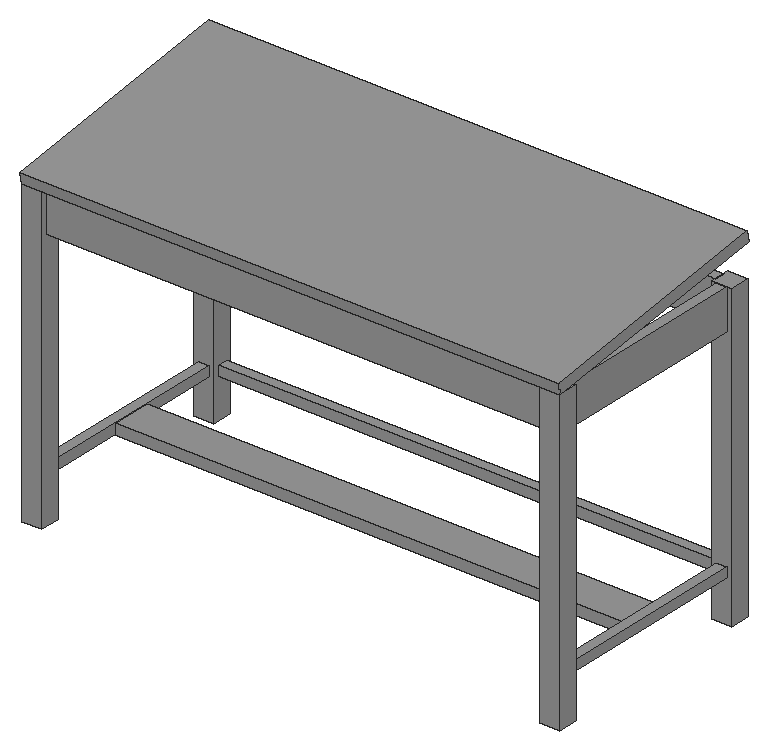
Revit family "STO", category Furniture, Revit 2013
Parameters
  visina_stola [instance] = 90 cm
  visina_daske = noga_stola * 2  # 12 cm
  sirina_stola [instance] = 70 cm
  noga_stola = 6 cm
  duzina_stola [instance] = 160 cm
  daska = noga_stola / 2  # 3 cm
  Panel_materijal = Wood
  Noge_materijal = Ash
  Daske_materijal = Cherry
Reference planes (cm)
  plane 1 "Center Front/Back": y = 0
  plane 2: z = 0
  plane 3 "Center Left/Right": x = 0
  plane 4: y = 32
  plane 5: y = -32
  plane 6: x = 77
  plane 7: x = -77
  plane 8: x = -80
  plane 9: x = -74
  plane 10: x = 74
  plane 11: x = 80
  plane 12: y = -35
  plane 13: y = -29
  plane 14: y = 29
  plane 15: y = 35
  plane 16: z = 90
Forms (cm)
  Extrusion 1, solid, material "Ash" <- "Noge_materijal"
    sketch origin (0, 0, 0) x (1, 0, 0) y (0, 1, 0)
      loop
        line (-80, 35) -> (-80, 29) -> (-74, 29) -> (-74, 35) -> (-80, 35)
    from 0 to 90
  Extrusion 2, solid, material "Ash" <- "Noge_materijal"
    sketch origin (0, 0, 0) x (1, 0, 0) y (0, 1, 0)
      loop
        line (74, 35) -> (74, 29) -> (80, 29) -> (80, 35) -> (74, 35)
    from 0 to 90
  Extrusion 3, solid, material "Ash" <- "Noge_materijal"
    sketch origin (0, 0, 0) x (1, 0, 0) y (0, 1, 0)
      loop
        line (-80, -29) -> (-80, -35) -> (-74, -35) -> (-74, -29) -> (-80, -29)
    from 0 to 90
  Extrusion 4, solid, material "Ash" <- "Noge_materijal"
    sketch origin (0, 0, 0) x (1, 0, 0) y (0, 1, 0)
      loop
        line (74, -29) -> (74, -35) -> (80, -35) -> (80, -29) -> (74, -29)
    from 0.4623 to 90
  Extrusion 5, solid, material "Cherry" <- "Daske_materijal"
    sketch origin (25.6407, 0, 0) x (1, 0, 0) y (0, 1, 0)
      loop
        line (-104.1407, 29) -> (-104.1407, -29) -> (-101.1407, -29) -> (-101.1407, 29) -> (-104.1407, 29)
    from 78 to 90
  Extrusion 6, solid, material "Cherry" <- "Daske_materijal"
    sketch origin (177.6407, 0, 0) x (1, 0, 0) y (0, 1, 0)
      loop
        line (-102.1407, 29) -> (-102.1407, -29) -> (-99.1407, -29) -> (-99.1407, 29) -> (-102.1407, 29)
    from 78 to 90
  Extrusion 7, solid, material "Cherry" <- "Daske_materijal"
    sketch origin (12.1994, 20.179, 0) x (1, 0, 0) y (0, 1, 0)
      loop
        line (-86.1994, 13.321) -> (-86.1994, 10.321) -> (61.8006, 10.321) -> (61.8006, 13.321) -> (-86.1994, 13.321)
    from 78 to 90
  Extrusion 8, solid, material "Cherry" <- "Daske_materijal"
    sketch origin (12.1994, -54.821, 0) x (1, 0, 0) y (0, 1, 0)
      loop
        line (-86.1994, 24.321) -> (-86.1994, 21.321) -> (61.8006, 21.321) -> (61.8006, 24.321) -> (-86.1994, 24.321)
    from 78 to 90
  Extrusion 9, solid, material "Cherry" <- "Daske_materijal"
    sketch origin (53.6977, 0, 3.748) x (1, 0, 0) y (0, 1, 0)
      loop
        line (-132.1977, 29) -> (-132.1977, -29) -> (-129.1977, -29) -> (-129.1977, 29) -> (-132.1977, 29)
    from 8.252 to 11.252
  Extrusion 10, solid, material "Cherry" <- "Daske_materijal"
    sketch origin (207.6977, 0, 3.748) x (1, 0, 0) y (0, 1, 0)
      loop
        line (-132.1977, 29) -> (-132.1977, -29) -> (-129.1977, -29) -> (-129.1977, 29) -> (-132.1977, 29)
    from 8.7143 to 11.7143
  Extrusion 11, solid, material "Cherry" <- "Daske_materijal"
    sketch origin (0, -27.5522, 16.8199) x (1, 0, 0) y (0, 1, 0)
      loop
        line (-74, 61.0522) -> (-74, 58.0522) -> (74, 58.0522) -> (74, 61.0522) -> (-74, 61.0522)
    from -4.8199 to -1.8199
  Extrusion 12, solid, material "Cherry" <- "Daske_materijal"
    sketch origin (0, 0, 0) x (1, 0, 0) y (0, 1, 0)
      loop
        line (-75.5, 6) -> (-75.5, -6) -> (75.5, -6) -> (75.5, 6) -> (-75.5, 6)
    from 12 to 15
  Extrusion 13, solid, material "Wood" <- "Panel_materijal"
    sketch origin (0, 2.9311, 84.884) x (1, 0, 0) y (0, 0.990134, 0.140125)
      loop
        line (-80, 34.0214) -> (-80, -36.8745) -> (80, -36.8745) -> (80, 34.0214) -> (-80, 34.0214)
    from 10.3855 to 13.3855
Dimensions and locks (cm)
  equal spacing: plane 8, plane 7, plane 9
  equal spacing: plane 15, plane 4, plane 14
  equal spacing: plane 10, plane 6, plane 11
  equal spacing: plane 13, plane 5, plane 12
  equal spacing: plane 15, plane 1 "Center Front/Back", plane 12
  "noga_stola": plane 15 to plane 14
  "noga_stola": plane 8 to plane 9
  "noga_stola": plane 12 to plane 13
  "noga_stola": plane 10 to plane 11
  "sirina_stola": plane 15 to plane 12
  "duzina_stola": plane 8 to plane 11
  equal spacing: plane 8, plane 3 "Center Left/Right", plane 11
  "visina_stola": plane 16 to level
  equal spacing: Extrusion 5, plane 7, Extrusion 5
  "daska": Extrusion 5 to Extrusion 5
  "daska": Extrusion 6 to Extrusion 6
  equal spacing: Extrusion 6, plane 6, Extrusion 6
  equal spacing: Extrusion 7, plane 4, Extrusion 7
  "daska": Extrusion 7 to Extrusion 7
  "daska": Extrusion 8 to Extrusion 8
  equal spacing: Extrusion 8, plane 5, Extrusion 8
  "visina_daske": Extrusion 6 to Extrusion 6
  "visina_daske": Extrusion 6 to Extrusion 5
  "visina_daske": Extrusion 8 to Extrusion 8
  "visina_daske": Extrusion 8 to Extrusion 7
  "daska": Extrusion 9 to Extrusion 9  (x2)
  equal spacing: Extrusion 9, plane 7, Extrusion 9
  "visina_daske": Extrusion 9 to Extrusion 3
  "daska": Extrusion 10 to Extrusion 10  (x2)
  "visina_daske": Extrusion 10 to Extrusion 4
  equal spacing: Extrusion 10, plane 6, Extrusion 10
  "daska": Extrusion 11 to Extrusion 11  (x4)
  "visina_daske": Extrusion 1 to Extrusion 11
  equal spacing: Extrusion 11, plane 4, Extrusion 11
  equal spacing: Extrusion 12, plane 1 "Center Front/Back", Extrusion 12
  "visina_daske": Extrusion 12 to Extrusion 12
  plane 1 "Center Front/Back" to Extrusion 12 = 6 cm
  "duzina_stola": Extrusion 13 to Extrusion 13
  equal spacing: Extrusion 13, plane 3 "Center Left/Right", Extrusion 13
  "daska": Extrusion 13 to Extrusion 13
  "visina_stola": Extrusion 13 to level
  aligned and locked: level to plane 2
  aligned and locked: Extrusion 1 sketch curve to plane 15
  aligned and locked: plane 8 to Extrusion 1 sketch curve
  aligned and locked: Extrusion 1 sketch curve to plane 14
  aligned and locked: Extrusion 1 sketch curve to plane 9
  aligned and locked: Extrusion 2 sketch curve to plane 15
  aligned and locked: plane 10 to Extrusion 2 sketch curve
  aligned and locked: Extrusion 2 sketch curve to plane 14
  aligned and locked: Extrusion 2 sketch curve to plane 11
  aligned and locked: Extrusion 3 sketch curve to plane 13
  aligned and locked: plane 8 to Extrusion 3 sketch curve
  aligned and locked: Extrusion 3 sketch curve to plane 12
  aligned and locked: Extrusion 3 sketch curve to plane 9
  aligned and locked: Extrusion 4 sketch curve to plane 13
  aligned and locked: plane 10 to Extrusion 4 sketch curve
  aligned and locked: Extrusion 4 sketch curve to plane 12
  aligned and locked: Extrusion 4 sketch curve to plane 11
  aligned and locked: plane 16 to Extrusion 4
  aligned and locked: Extrusion 3 to Extrusion 4
  aligned and locked: Extrusion 2 to Extrusion 3
  aligned and locked: Extrusion 1 to Extrusion 2
  aligned and locked: Extrusion 5 to plane 14
  aligned and locked: Extrusion 5 to plane 13
  aligned and locked: Extrusion 7 to plane 9
  aligned and locked: plane 10 to Extrusion 7
  aligned and locked: Extrusion 1 to Extrusion 6
  aligned and locked: Extrusion 1 to Extrusion 5
  aligned and locked: Extrusion 1 to Extrusion 8
  aligned and locked: Extrusion 1 to Extrusion 7
  aligned and locked: plane 14 to Extrusion 9 sketch curve
  aligned and locked: plane 13 to Extrusion 9 sketch curve
  aligned and locked: plane 9 to Extrusion 11 sketch curve
  aligned and locked: Extrusion 11 sketch curve to plane 10
  aligned and locked: Extrusion 12 to Extrusion 5
  aligned and locked: Extrusion 12 to Extrusion 6
  aligned and locked: Extrusion 9 to Extrusion 12  (x2)
Automatic sketch dimensions
  Extrusion 5 sketch curve to plane 13 = 0 cm
  plane 14 to Extrusion 5 sketch curve = 0 cm
  Extrusion 5 sketch curve to plane 7 = 1.5 cm
  plane 7 to Extrusion 5 sketch curve = 1.5 cm
  Extrusion 6 sketch curve to plane 13 = 0 cm
  plane 14 to Extrusion 6 sketch curve = 0 cm
  Extrusion 6 sketch curve to plane 6 = 1.5 cm
  plane 6 to Extrusion 6 sketch curve = 1.5 cm
  Extrusion 7 sketch curve to plane 9 = 0 cm
  Extrusion 7 sketch curve to plane 10 = 0 cm
  Extrusion 7 sketch curve to plane 4 = 1.5 cm
  plane 4 to Extrusion 7 sketch curve = 1.5 cm
  Extrusion 8 sketch curve to plane 9 = 0 cm
  Extrusion 8 sketch curve to plane 10 = 0 cm
  Extrusion 8 sketch curve to plane 5 = 1.5 cm
  plane 5 to Extrusion 8 sketch curve = 1.5 cm
  Extrusion 9 sketch curve to plane 7 = 1.5 cm
  plane 7 to Extrusion 9 sketch curve = 1.5 cm
  Extrusion 10 sketch curve to plane 13 = 0 cm
  plane 14 to Extrusion 10 sketch curve = 0 cm
  Extrusion 10 sketch curve to plane 6 = 1.5 cm
  plane 6 to Extrusion 10 sketch curve = 1.5 cm
  Extrusion 11 sketch curve to plane 15 = 4.5 cm
  Extrusion 11 sketch curve to Extrusion 11 sketch curve = 3 cm
  plane 7 to Extrusion 12 sketch curve = 1.5 cm
  plane 1 "Center Front/Back" to Extrusion 12 sketch curve = 6 cm
  Extrusion 12 sketch curve to plane 6 = 1.5 cm
  Extrusion 12 sketch curve to plane 1 "Center Front/Back" = 6 cm
  Extrusion 13 sketch curve to plane 8 = 0 cm
  Extrusion 13 sketch curve to plane 11 = 0 cm
  Extrusion 13 sketch curve to Extrusion 13 sketch curve = 70.8959 cm
